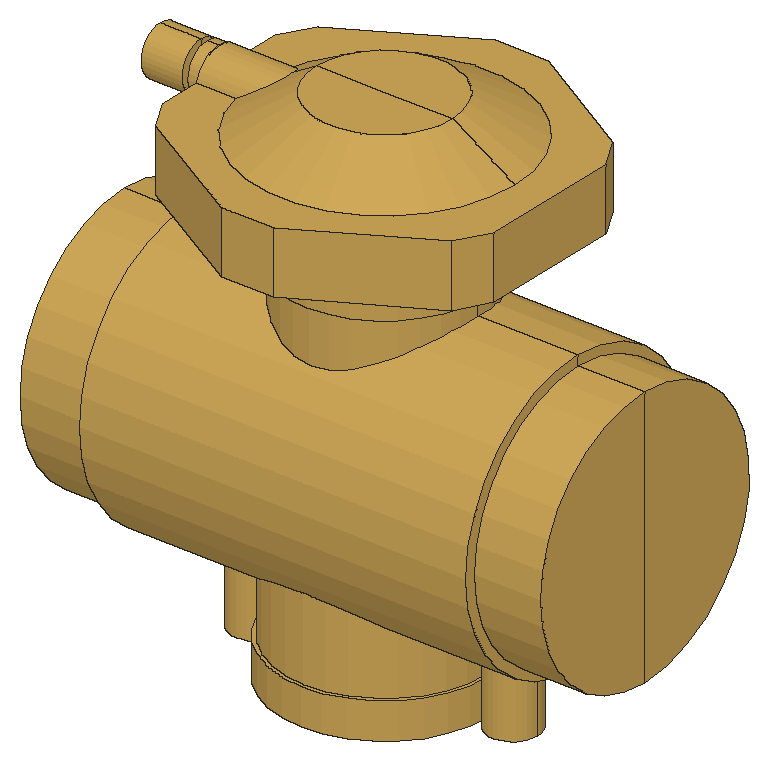
Revit family "Differenzdruckregler 4002 FIX 23kPa", category Rohrzubehör, Revit 2018
Family settings
  Bemaßung runder Anschluss = Durchmesser verwenden
  Teiletyp = Unterbricht
  OmniClass-Nummer = 23.65.55.14
  OmniClass-Titel = Valves for Liquid Services
  Arbeitsebenenbasiert = Nein
  Immer vertikal = Ja
  Beim Laden mit Abzugskörper schneiden = Nein
  Gemeinsam genutzt = Nein
Parameters (values of type "Ohne Dämmung")
  y2 [instance] = K14 + K9 + H01  # 72.649 mm
  y1 [instance] = (R03 * 2) + R05  # 140.000 mm
  Min. Betriebstemperatur (Frostschutz) = -20 °C  # constant formula
  Max. zulässige Betriebstemperatur bis DN32 = 130 °C  # constant formula
  Max. zulässige Betriebstemperatur DN40 - DN50 = 110 °C  # constant formula
  Max. Differenzdruck am Gehäuse = 400000.0 Pa  # constant formula
  Max. Betriebsdruck = 1600000.0 Pa  # constant formula
  Ventilschaft = "Edelstahl 14301"  # constant formula
  VRL01 [instance] = 30.000 mm  # constant formula
  V12 = 17.000 mm  # constant formula
  V10 = 16.000 mm  # constant formula
  V09 [instance] = 11.000 mm  # constant formula
  V08 [instance] = G01 + 3.000 mm  # 38.000 mm
  V03 [instance] = G01 + 5.000 mm  # 40.000 mm
  V02 [instance] = V01 + 4.500 mm  # 29.500 mm
  V01 [instance] = Nennweite / 2  # 25.000 mm
  URL = "www.herz-armaturen.at"
  SCRNSEQ = "ARM;ARM_TYP=\"DIFR\";2"
  SCRNCODE = "05;03;4"  # constant formula
  S07 = 10.000 mm  # constant formula
  S05 [instance] = S01 - 1.000 mm  # 25.000 mm
  S04 [instance] = S02 - 1.000 mm  # 27.000 mm
  S03 [instance] = size_lookup("4002_FIX_23kPa", "S03", 26.500 mm, Nennweite)  # 37.700 mm
  S02 [instance] = size_lookup("4002_FIX_23kPa", "S02", 19.000 mm, Nennweite)  # 28.000 mm
  S01 [instance] = size_lookup("4002_FIX_23kPa", "S01", 14.850 mm, Nennweite)  # 26.000 mm
  Regleranschlussmutter = "Messing CW614N"  # constant formula
  Regelbereich = "FIX 23kPa"  # constant formula
  R06 [instance] = size_lookup("4002_FIX_23kPa", "R06", 14.500 mm, Nennweite)  # 14.500 mm
  R05 [instance] = size_lookup("4002_FIX_23kPa", "R05", 41.000 mm, Nennweite)  # 104.000 mm
  R04 [instance] = size_lookup("4002_FIX_23kPa", "R04", 12.500 mm, Nennweite)  # 14.500 mm
  R03 [instance] = size_lookup("4002_FIX_23kPa", "R03", 8.000 mm, Nennweite)  # 18.000 mm
  R02 = 14.500 mm  # constant formula
  R01 [instance] = size_lookup("4002_FIX_23kPa", "R01", 11.500 mm, Nennweite)  # 37.600 mm
  Min. Betriebstemperatur (reines Wasser) = 2 °C  # constant formula
  O-Ringe = "EPDM"  # constant formula
  Nennweite [instance] = 50.000 mm
  Membrangehäuse = "Messing CW602N"  # constant formula
  Membrane = "EPDM"  # constant formula
  Medium = "Wasserbeschaffenheit nach ÖNORM H 5195 und VDI 2035\r\nDie Verwendung von Ethylen- und Propylenglykol ist im\r\nMischungsverhältnis 25 - 50 Vol.-% zulässig."
  L07 [instance] = size_lookup("4002_FIX_23kPa", "L07", 33.000 mm, Nennweite)  # 70.000 mm
  L06 = 7.000 mm  # constant formula
  L [instance] = size_lookup("4002_FIX_23kPa", "L", 66.000 mm, Nennweite)  # 140.000 mm
  K9 = 4.000 mm  # constant formula
  K8 = 55.000 mm  # constant formula
  K7 = 8.700 mm  # constant formula
  K6 = 11.700 mm  # constant formula
  K5 = 13.000 mm  # constant formula
  K4 = 12.000 mm  # constant formula
  K3 = 15.000 mm  # constant formula
  K2 = 2.350 mm  # constant formula
  K18 = 89.000 mm  # constant formula
  K17 = 66.700 mm  # constant formula
  K16 = 3.000 mm  # constant formula
  K15 = 26.649 mm  # constant formula
  K14 = 16.649 mm  # constant formula
  K13 = 16.649 mm  # constant formula
  K12 = 10.000 mm  # constant formula
  K11 = 35.000 mm  # constant formula
  K10 = 18.250 mm  # constant formula
  K1.1 = 2.350 mm  # constant formula
  K1 = 7.651 mm - 1.000 mm  # 6.651 mm
  J9 = 15.700 mm  # constant formula
  J8 = 7.850 mm  # constant formula
  J7 = 15.897 mm  # constant formula
  J6 = 3.900 mm  # constant formula
  J5 = 6.500 mm  # constant formula
  J4 = 1.500 mm  # constant formula
  J3 = 3.200 mm  # constant formula
  J2 = 11.000 mm  # constant formula
  J11 = 3.500 mm  # constant formula
  J10 = 18.897 mm  # constant formula
  J1 = 6.500 mm  # constant formula
  Hersteller = "HERZ-Armaturen Ges.m.b.H"  # constant formula
  H2 [instance] = size_lookup("4002_FIX_23kPa", "H2", 28.000 mm, Nennweite)  # 58.000 mm
  H1 [instance] = K1 + K2 + K3 + K4 + K5 + K7 + K8 + K16 + 16.650 mm  # 132.351 mm
  H04 = 4.000 mm  # constant formula
  H03 = 9.800 mm  # constant formula
  H02 [instance] = size_lookup("4002_FIX_23kPa", "H02", 53.000 mm, Nennweite)  # 107.000 mm
  H01 [instance] = size_lookup("4002_FIX_23kPa", "H01", 25.000 mm, Nennweite)  # 52.000 mm
  Gehäuse = "DZR Messing CC770S"  # constant formula
  G01 [instance] = size_lookup("4002_FIX_23kPa", "G01", 13.220 mm, Nennweite)  # 35.000 mm
  Hinweise zum Material = "Gemäß Art 33 der REACH-Verordnung (EG Nr. 1907/2006) sind wir verpflichtet, darauf hinzuweisen,\r\ndass der Stoff Blei auf der SVHC-Liste geführt wird und dass alle aus Messing bestehenden Bauteile,\r\ndie in unseren Erzeugnissen verarbeitet sind, mehr als 0,1 % (w/w) Blei (CAS: 7439-92-1 / EINECS:\r\n231-100-4) enthalten. Da Blei als Legierungsbestandteil fest gebunden ist, sind keine Expositionen zu\r\nerwarten und daher sind keine zusätzlichen Angaben zur sicheren Verwendung notwendig.\r\n\r\nIm Hanf enthaltenes Ammoniak schädigt\r\nMessingventilgehäuse, EPDM Dichtungen werden durch\r\nMineralöle bzw. mineralölhaltige Schmierstoffe aufgequollen\r\nund führen somit zum Ausfall der EPDM-Dichtungen. Für\r\nFrost- und Korrosionsschutzmittel auf der Basis von Ethylen- und Propylenglykol sind die entsprechenden\r\nAngaben den Unterlagen des Herstellers zu entnehmen."
  Dämmung = no
  Dämmschale = "EPP (expandiertes Polypropylen)"  # constant formula
  Druckfeder = "Federstahl, rost-und säurebeständig"  # constant formula
  DN50 [instance] = Nennweite = 50.000 mm  # yes
  DN40 [instance] = Nennweite = 40.000 mm  # no
  DN32-40 [instance] = or(Nennweite = 32.000 mm, Nennweite = 40.000 mm)  # no
  DN32 [instance] = Nennweite = 32.000 mm  # no
  DN25 [instance] = Nennweite = 25.000 mm  # no
  DN20 [instance] = Nennweite = 20.000 mm  # no
  DN15-25 [instance] = or(Nennweite = 15.000 mm, Nennweite = 20.000 mm, Nennweite = 25.000 mm)  # no
  DN15,20,25,32,50 [instance] = or(Nennweite = 15.000 mm, Nennweite = 20.000 mm, Nennweite = 25.000 mm, Nennweite = 32.000 mm, Nennweite = 50.000 mm)  # yes
  DN15 [instance] = Nennweite = 15.000 mm  # no
  D07 [instance] = if(Nennweite = 15.000 mm, 32.000 mm, if(Nennweite = 20.000 mm, 33.000 mm, if(Nennweite = 25.000 mm, 33.000 mm, if(Nennweite = 32.000 mm, 49.000 mm, if(Nennweite = 40.000 mm, 57.560 mm, if(Nennweite = 50.000 mm, 57.560 mm, 0.000 mm))))))  # 57.560 mm
  D06 [instance] = if(Nennweite = 15.000 mm, 32.000 mm, if(Nennweite = 20.000 mm, 33.000 mm, if(Nennweite = 25.000 mm, 33.000 mm, if(Nennweite = 32.000 mm, 49.000 mm, if(Nennweite = 40.000 mm, 57.560 mm, if(Nennweite = 50.000 mm, 57.560 mm, 0.000 mm))))))  # 57.560 mm
  D05 [instance] = if(Nennweite = 15.000 mm, 36.750 mm, if(Nennweite = 20.000 mm, 40.700 mm, if(Nennweite = 25.000 mm, 49.200 mm, if(Nennweite = 32.000 mm, 54.150 mm, if(Nennweite = 40.000 mm, 60.750 mm, if(Nennweite = 50.000 mm, 72.700 mm, 0.000 mm))))))  # 72.700 mm
  D04 [instance] = if(Nennweite = 15.000 mm, 78.500 mm, if(Nennweite = 20.000 mm, 82.000 mm, if(Nennweite = 25.000 mm, 84.000 mm, if(Nennweite = 32.000 mm, 120.000 mm, if(Nennweite = 40.000 mm, 130.000 mm, if(Nennweite = 50.000 mm, 130.500 mm, 0.000 mm))))))  # 130.500 mm
  D03 [instance] = if(Nennweite = 15.000 mm, 96.000 mm, if(Nennweite = 20.000 mm, 110.000 mm, if(Nennweite = 25.000 mm, 112.000 mm, if(Nennweite = 32.000 mm, 152.000 mm, if(Nennweite = 40.000 mm, 170.000 mm, if(Nennweite = 50.000 mm, 179.000 mm, 0.000 mm))))))  # 179.000 mm
  D02 [instance] = size_lookup("4002_FIX_23kPa", "R05", 41.000 mm, Nennweite)  # 104.000 mm
  D01 [instance] = size_lookup("4002_FIX_23kPa", "G01", 13.220 mm, Nennweite)  # 35.000 mm
  Bestellnummer Dämmung [instance] = if(and(Dämmung, Nennweite = 15.000 mm), 1409611, if(and(Dämmung, Nennweite = 20.000 mm), 1409612, if(and(Dämmung, Nennweite = 25.000 mm), 1409613, if(and(Dämmung, Nennweite = 32.000 mm), 1409614, if(and(Dämmung, Nennweite = 40.000 mm), 1409615, if(and(Dämmung, Nennweite = 50.000 mm), 1409616, 0))))))  # 0
  Bestellnummer [instance] = size_lookup("4002_FIX_23kPa", "Artnr", 0, Nennweite)  # 1400226
  B2 [instance] = size_lookup("4002_FIX_23kPa", "B2", 31.000 mm, Nennweite)  # 41.000 mm
  B1 [instance] = size_lookup("4002_FIX_23kPa", "B1", 26.000 mm, Nennweite)  # 41.000 mm
  B04 = 100.649 mm  # constant formula
  B03 = 44.500 mm  # constant formula
  B02 = 104.688 mm  # constant formula
  B01 = 10.000 mm  # constant formula
  Anwendungsgebiet = "Der Differenzdruckregler ist ein Regler mit linearer Kennlinie in Geradsitzausführung und arbeitet ohne Hilfsenergie. Der Differenzdruck-Sollwert beträgt 23 kPa, 50 kPa bzw 13 kPa. Im Lieferumfang enthalten ist die Impulsleitung (1000 mm), diese ist mit einem Strangregulierventil im Vorlauf zu verbinden."
  Anschlussnippel = "Messing CW602N"  # constant formula
Types (2, lengths in mm): name | y2 | y1 | V08 | V03 | V02 | V01 | S05 | S04 | S03 | S02 | S01 | R05 | R03 | R01 | Nennweite | L07 | L | H2 | H02 | H01 | G01 | Dämmung | DN50 | DN25 | DN15-25 | D07 | D06 | D05 | D04 | D03 | D02 | D01 | Bestellnummer Dämmung | Bestellnummer | B2 | B1
  Ohne Dämmung | 72.649 | 140.000 | 38.000 | 40.000 | 29.500 | 25.000 | 25.000 | 27.000 | 37.700 | 28.000 | 26.000 | 104.000 | 18.000 | 37.600 | 50.000 | 70.000 | 140.000 | 58.000 | 107.000 | 52.000 | 35.000 | no | yes | no | no | 57.560 | 57.560 | 72.700 | 130.500 | 179.000 | 104.000 | 35.000 | 0 | 1400226 | 41.000 | 41.000
  Mit Dämmung | 46.649 | 76.000 | 23.600 | 25.600 | 17.000 | 12.500 | 13.850 | 18.000 | 29.000 | 19.000 | 14.850 | 58.200 | 8.900 | 14.800 | 25.000 | 38.000 | 76.000 | 29.000 | 54.500 | 26.000 | 20.600 | yes | no | yes | yes | 33.000 | 33.000 | 49.200 | 84.000 | 112.000 | 58.200 | 20.600 | 1409613 | 1400223 | 33.000 | 28.000
Reference planes
  plane 1 "Mitte (Vorne/hinten)": y = 0
  plane 2: z = 0
  plane 3 "Mitte (Links/rechts)": x = 0
Forms (mm)
  Revolve 1, solid, material "Messing, weicher Gelbton, geschweißt", detail levels fine
    sketch origin (0, 0, 0) x (1, 0, 0) y (0, 0, 1)
      loop
        line (-70, 0) -> (70, 0) -> (70, 35) -> (52, 35) -> (52, 37.6) -> (-52, 37.6) -> (-52, 35) -> (-70, 35) -> (-70, 0)
      axis (-70, 0) -> (70, 0)
    angle from 0 to 360
  Revolve 2, solid, material "Messing, weicher Gelbton, geschweißt", detail levels fine
    sketch origin (0, 0, 0) x (1, 0, 0) y (0, 0, 1)
      loop
        line (0, -58) -> (0, 0) -> (-27, 0) -> (-27, -48.2) -> (-28, -48.2) -> (-28, -58) -> (0, -58)
      axis (0, 0) -> (0, -58)
    angle from 0 to 360
  Extrusion 3, solid, material "Messing, weicher Gelbton, geschweißt", detail levels fine
    sketch origin (0, 0, 0) x (0, -1, 0) y (1, 0, 0)
      loop
        line (-46, -7.038) -> (-27.114, -39.75) -> (-18.886, -44.5) -> (18.886, -44.5) -> (27.114, -39.75) -> (46, -7.038) -> (46, 7.038) -> (27.114, 39.75) -> (18.886, 44.5) -> (-18.886, 44.5) -> (-27.114, 39.75) -> (-46, 7.038) -> (-46, -7.038)
    from 56 to 72.649
  Revolve 4, solid, material "Messing, weicher Gelbton, geschweißt", detail levels fine
    sketch origin (0, 0, -7.051) x (1, 0, 0) y (0, 0, 1)
      loop
        line (0, 79.7) -> (0, 89.7) -> (-18.25, 89.7) -> (-35, 79.7) -> (0, 79.7)
      axis (0, 89.7) -> (0, 79.7)
    angle from 0 to 360
  Revolve 5, solid, material "Messing, weicher Gelbton, geschweißt", visible <- "DN15-25", detail levels fine
    sketch origin (-11, 0, 0) x (1, 0, 0) y (0, 1, 0)
      loop
        line (-3.5, 41) -> (-11.2, 41) -> (-11.2, 0) -> (-3.5, 0) -> (-3.5, 41)
      axis (-3.5, 0) -> (-3.5, 41)
    angle from 0 to 360
  Revolve 6, solid, material "Messing, weicher Gelbton, geschweißt", detail levels fine
    sketch origin (-0.988, 0, -6.853) x (-1, 0, 0) y (0, 0, 1)
      loop
        line (43.5, 78.75) -> (59.2, 78.75) -> (59.2, 85.25) -> (48.2, 85.25) -> (48.2, 82.65) -> (46.7, 82.65) -> (46.7, 85.25) -> (43.5, 85.25) -> (43.5, 78.75)
      axis (43.5, 78.75) -> (59.2, 78.75)
    angle from 0 to 360
  Extrusion 7, solid, material "Messing, weicher Gelbton, geschweißt", detail levels fine
    sketch origin (0, 0, 0) x (0, 1, 0) y (0, 0, -1)
      loop
        line (7.85, -70.547) -> (7.85, -59.5) -> (-7.85, -59.5) -> (-7.85, -70.547)
        arc (-7.85, -70.547) -> (0, -78.397) -> (7.85, -70.547) r 7.85
    from 0 to 44.5
  Revolve 8, solid, material "Messing, weicher Gelbton, geschweißt", visible <- "DN15-25", detail levels fine
    sketch origin (-2, 0, 0) x (1, 0, 0) y (0, 1, 0)
      loop
        line (-12.5, 0) -> (-21.5, 0) -> (-21.5, -41) -> (-12.5, -41) -> (-12.5, 0)
      axis (-12.5, 0) -> (-12.5, -41)
    angle from 0 to 360
  Revolve 9, solid, material "Messing, weicher Gelbton, geschweißt", visible <- "DN15-25", detail levels fine
    sketch origin (2, 0, 0) x (1, 0, 0) y (0, 1, 0)
      loop
        line (12.5, 0) -> (12.5, -41) -> (21.6, -41) -> (21.6, 0) -> (12.5, 0)
      axis (12.5, 0) -> (12.5, -41)
    angle from 0 to 360
  Extrusion 10, solid, material "Messing, weicher Gelbton, geschweißt", visible <- "DN32", detail levels fine
    sketch origin (-31.5, 0, 0) x (1, 0, 0) y (0, 1, 0)
      loop
        circle (63, 0) r 6.578
      loop
        circle (63, 0) r 3.28
    from -47 to 0
  Extrusion 11, solid, material "Messing, weicher Gelbton, geschweißt", visible <- "DN32", detail levels fine
    sketch origin (31.5, 0, 0) x (-1, 0, 0) y (0, -1, 0)
      loop
        circle (63, 0) r 6.578
      loop
        circle (63, 0) r 3.28
    from -47 to 0
  Revolve 12, solid, material "Messing, weicher Gelbton, geschweißt", detail levels fine
    sketch origin (0, 0, 0) x (1, 0, 0) y (0, 0, 1)
      loop
        line (-25, 0) -> (0, 0) -> (0, 56) -> (-21, 56) -> (-21, 52) -> (-26, 52) -> (-26, 42.2) -> (-25, 42.2) -> (-25, 0)
      axis (0, 56) -> (0, 0)
    angle from 0 to 360
  Extrusion 13, solid, material "Messing, weicher Gelbton, geschweißt", visible <- "DN40", detail levels fine
    sketch origin (29.382, 0, 0) x (-1, 0, 0) y (0, -1, 0)
      loop
        circle (63, 0) r 6.578
      loop
        circle (63, 0) r 3.28
    from -58 to 0
  Extrusion 14, solid, material "Messing, weicher Gelbton, geschweißt", visible <- "DN40", detail levels fine
    sketch origin (-29.455, 0, 0) x (1, 0, 0) y (0, 1, 0)
      loop
        circle (63, 0) r 6.578
      loop
        circle (63, 0) r 3.28
    from -58 to 0
  Extrusion 15, solid, material "Messing, weicher Gelbton, geschweißt", visible <- "DN50", detail levels fine
    sketch origin (28.422, 0, 0) x (-1, 0, 0) y (0, -1, 0)
      loop
        circle (63, 0) r 6.578
      loop
        circle (63, 0) r 3.28
    from -58 to 0
  Extrusion 16, solid, material "Messing, weicher Gelbton, geschweißt", visible <- "DN50", detail levels fine
    sketch origin (-28.422, 0, 0) x (1, 0, 0) y (0, 1, 0)
      loop
        circle (63, 0) r 6.578
      loop
        circle (63, 0) r 3.28
    from -58 to 0
  Revolve 17, solid, material "Messing, weicher Gelbton, geschweißt", visible <- "DN32-40", detail levels fine
    sketch origin (-11, 0, 0) x (1, 0, 0) y (0, 1, 0)
      loop
        line (-3.5, -41) -> (-3.5, 0) -> (-11.2, 0) -> (-11.2, -41) -> (-3.5, -41)
      axis (-3.5, 0) -> (-3.5, -41)
    angle from 0 to 360
  Revolve 18, solid, material "Messing, weicher Gelbton, geschweißt", not visible, detail levels fine
    sketch origin (10.652, 0, 0) x (-1, 0, 0) y (0, 0, 1)
      loop
        line (80.652, 0) -> (110.652, 0) -> (110.652, 25) -> (93.652, 25) -> (93.652, 29.5) -> (84.652, 29.5) -> (84.652, 40) -> (77.652, 40) -> (77.652, 38) -> (62.652, 38) -> (62.652, 35) -> (80.652, 35) -> (80.652, 0)
      axis (62.652, 0) -> (110.652, 0)
    angle from 0 to 360
  Revolve 19, solid, material "Messing, weicher Gelbton, geschweißt", not visible, detail levels fine
    sketch origin (-9.448, 0, 0) x (1, 0, 0) y (0, 0, 1)
      loop
        line (79.448, 0) -> (109.448, 0) -> (109.448, 25) -> (92.448, 25) -> (92.448, 29.5) -> (83.448, 29.5) -> (83.448, 40) -> (76.448, 40) -> (76.448, 38) -> (61.448, 38) -> (61.448, 35) -> (79.448, 35) -> (79.448, 0)
      axis (61.448, 0) -> (109.448, 0)
    angle from 0 to 360
  Revolve 20, solid, material "Kunststoff-Anthrazit/Schwarz", visible <- "Dämmung", detail levels fine
    sketch origin (0, 0, 0) x (1, 0, 0) y (0, 0, 1)
      loop
        line (89.5, 57.56) -> (-89.5, 57.56) -> (-89.5, 35) -> (-52, 35) -> (-52, 0) -> (0, 0) -> (52, 0) -> (52, 35) -> (89.5, 35) -> (89.5, 57.56)
      axis (-89.5, 0) -> (89.5, 0)
    angle from 0 to 360
  Revolve 21, solid, material "Kunststoff-Anthrazit/Schwarz", visible <- "Dämmung", detail levels fine
    sketch origin (0, 0, 0) x (1, 0, 0) y (0, 0, 1)
      loop
        line (0, 57.56) -> (0, -72.94) -> (72.7, -72.94) -> (72.7, 57.56) -> (0, 57.56)
      axis (0, 57.56) -> (0, -72.94)
    angle from 0 to 360
  Extrusion 22, void
    sketch origin (-405.452, -82.5, 0) x (1, 0, 0) y (0, 1, 0)
      loop
        line (266.511, 0) -> (550.452, 0) -> (550.452, 165) -> (266.511, 165) -> (266.511, 0)
    from 56 to 72.649
  Extrusion 23, void
    sketch origin (-405.452, -82.5, 0) x (1, 0, 0) y (0, 1, 0)
      loop
        line (287.952, 0) -> (522.952, 0) -> (522.952, 165) -> (287.952, 165) -> (287.952, 0)
    from 56 to 72.649
Cuts and joins
  Extrusion 22 cuts Revolve 20
  Extrusion 23 cuts Revolve 21
Lines and regions (mm)
  model lines, detail levels coarse+medium
    curve 1: line (70, -35, 0) -> (70, 35, 0)
    curve 2: line (70, 35, 0) -> (-70, -35, 0)
    curve 3: line (-70, -35, 0) -> (-70, 35, 0)
    curve 4: line (-70, 35, 0) -> (70, -35, 0)
    curve 5: line (0, -42, 0) -> (0, -56, 0)
    curve 6: spline (-44.5, -64.324, 0) -> (-42.984, -62.17, 0) -> (-38.538, -60.162, 0) -> (-31.466, -58.438, 0) -> (-22.25, -57.115, 0) -> (-11.517, -56.284, 0) -> (0, -56, 0) -> (11.517, -56.284, 0) -> (22.25, -57.115, 0) -> (31.466, -58.438, 0) -> (38.538, -60.162, 0) -> (42.984, -62.17, 0) -> (44.5, -64.325, 0) -> (42.984, -66.479, 0) -> (38.538, -68.487, 0) -> (31.466, -70.211, 0) -> (22.25, -71.534, 0) -> (11.517, -72.365, 0) -> (0, -72.649, 0) -> (-11.517, -72.365, 0) -> (-22.25, -71.534, 0) -> (-31.466, -70.211, 0) -> (-38.538, -68.487, 0) -> (-42.984, -66.479, 0) -> (-44.5, -64.324, 0)
    curve 7: line (-70, 0, 35) -> (-70, 0, -35)
    curve 8: line (-70, 0, -35) -> (70, 0, 35)
    curve 9: line (70, 0, 35) -> (70, 0, -35)
    curve 10: line (70, 0, -35) -> (-70, 0, 35)
    curve 11: line (0, 0, 35) -> (0, 0, 56)
    curve 12: spline (-44.5, 0, 64.325) -> (-42.984, 0, 66.479) -> (-38.538, 0, 68.487) -> (-31.466, 0, 70.211) -> (-22.25, 0, 71.534) -> (-11.517, 0, 72.365) -> (0, 0, 72.649) -> (11.517, 0, 72.365) -> (22.25, 0, 71.534) -> (31.466, 0, 70.211) -> (38.538, 0, 68.487) -> (42.984, 0, 66.479) -> (44.5, 0, 64.324) -> (42.984, 0, 62.17) -> (38.538, 0, 60.162) -> (31.466, 0, 58.438) -> (22.25, 0, 57.115) -> (11.517, 0, 56.284) -> (0, 0, 56) -> (-11.517, 0, 56.284) -> (-22.25, 0, 57.115) -> (-31.466, 0, 58.438) -> (-38.538, 0, 60.162) -> (-42.984, 0, 62.17) -> (-44.5, 0, 64.325)
    curve 13: line (0, 0, 35) -> (35, 0, 17.5)
    curve 14: line (0, 0, 35) -> (-35, 0, 17.5)
    curve 15: line (70, 0, 0) -> (100, 0, 0)
    curve 16: line (-70, 0, 0) -> (-100, 0, 0)
    curve 17: line (0, -42, 0) -> (-18.2, -9.1, 0)
    curve 18: line (0, -42, 0) -> (18.2, -9.1, 0)
    curve 19: line (70, 0, 35) -> (70, 0, -35)
    curve 20: line (70, 0, 35) -> (80, 0, 35)
    curve 21: line (80, 0, 35) -> (70, 0, 0)
    curve 22: line (80, 0, -35) -> (70, 0, 0)
    curve 23: line (70, 0, -35) -> (80, 0, -35)
    curve 24: line (-70, 0, 35) -> (-70, 0, -35)
    curve 25: line (-70, 0, 35) -> (-80, 0, 35)
    curve 26: line (-80, 0, 35) -> (-70, 0, 0)
    curve 27: line (-80, 0, -35) -> (-70, 0, 0)
    curve 28: line (-70, 0, -35) -> (-80, 0, -35)
    curve 29: line (-70, 35, 0) -> (-80, 35, 0)
    curve 30: line (-80, 35, 0) -> (-70, 0, 0)
    curve 31: line (-70, -35, 0) -> (-80, -35, 0)
    curve 32: line (-80, -35, 0) -> (-70, 0, 0)
    curve 33: line (70, -35, 0) -> (70, 35, 0)
    curve 34: line (70, 35, 0) -> (80, 35, 0)
    curve 35: line (80, 35, 0) -> (70, 0, 0)
    curve 36: line (70, -35, 0) -> (80, -35, 0)
    curve 37: line (80, -35, 0) -> (70, 0, 0)
Dimensions and locks
  "G01": Revolve 1 sketch curve to Revolve 1 sketch curve  (x2)
  "R01": Revolve 1 sketch curve to Revolve 1 sketch curve
  "R03": Revolve 1 sketch curve to Revolve 1 sketch curve  (x2)
  "K10": Revolve 4 sketch curve to Revolve 4 sketch curve
  "K11": Revolve 4 sketch curve to Revolve 4 sketch curve
  "B1": Revolve 5 sketch curve to Revolve 5 sketch curve
  "J1": Revolve 6 sketch curve to Revolve 6 sketch curve
  "J3": Revolve 6 sketch curve to Revolve 6 sketch curve
  "J4": Revolve 6 sketch curve to Revolve 6 sketch curve
  "J2": Revolve 6 sketch curve to Revolve 6 sketch curve
  "J5": Revolve 6 sketch curve to Revolve 6 sketch curve
  "J6": Revolve 6 sketch curve to Revolve 6 sketch curve
  "H2": plane 2 to Revolve 2 sketch curve
  "H03": Revolve 2 sketch curve to Revolve 2 sketch curve
  "S02": plane 3 "Mitte (Links/rechts)" to Revolve 2 sketch curve
  "B02": Revolve 6 to Extrusion 3
  "B03": Extrusion 3 to plane 3 "Mitte (Links/rechts)"
  "R04": Revolve 5 sketch curve to plane 3 "Mitte (Links/rechts)"
  "K12": Revolve 4 sketch curve to Revolve 4 sketch curve
  "K13": Revolve 4 sketch curve to Extrusion 3
  "K14": Extrusion 3 to Extrusion 3
  "R05": Revolve 1 sketch curve to Revolve 1 sketch curve
  plane 3 "Mitte (Links/rechts)" to Revolve 1 sketch curve = 70.000 mm
  Revolve 1 sketch curve to plane 3 "Mitte (Links/rechts)" = 70.000 mm
  equal spacing: Revolve 1 sketch curve, plane 3 "Mitte (Links/rechts)", Revolve 1 sketch curve
  "B2": plane 1 "Mitte (Vorne/hinten)" to Revolve 8 sketch curve
  "B2": Revolve 9 sketch curve to plane 1 "Mitte (Vorne/hinten)"
  "R06": Revolve 8 sketch curve to plane 3 "Mitte (Links/rechts)"
  "R06": plane 3 "Mitte (Links/rechts)" to Revolve 9 sketch curve
  "S01": Revolve 12 sketch curve to plane 3 "Mitte (Links/rechts)"
  "S05": plane 3 "Mitte (Links/rechts)" to Revolve 12 sketch curve
  "H04": Revolve 12 sketch curve to Revolve 12 sketch curve
  "H03": Revolve 12 sketch curve to Revolve 12 sketch curve
  "H01": Revolve 12 sketch curve to plane 2
  "K9": Extrusion 3 to Revolve 12
  Revolve 2 sketch curve to Revolve 2 sketch curve = 1.000 mm
  "J7": Revolve 6 sketch curve to Extrusion 3
  "J9": Extrusion 7 sketch curve to Extrusion 7 sketch curve
  "J10": Revolve 6 to Extrusion 7 sketch curve
  "J11": Extrusion 7 sketch curve to Extrusion 3
  equal spacing: curve 7, curve 6, curve 9
  "K18": Extrusion 3 to Extrusion 3
  equal spacing: curve 7, curve 14, curve 14
  equal spacing: curve 14, curve 13, curve 9
  "G01": curve 10 to plane 2
  "G01": plane 2 to curve 8
  "G01": curve 9 to plane 2
  "G01": plane 2 to curve 10
  "K18": curve 12 to curve 12
  "y1": curve 7 to curve 9
  "G01": curve 14 to plane 2
  "K14": curve 12 to curve 12
  "y2": curve 12 to plane 2
  "G01": plane 1 "Mitte (Vorne/hinten)" to curve 4
  "G01": curve 3 to plane 1 "Mitte (Vorne/hinten)"
  equal spacing: curve 3, curve 12, curve 1
  equal spacing: curve 3, curve 18, curve 1
  "y1": curve 3 to curve 1
  "G01": plane 1 "Mitte (Vorne/hinten)" to curve 2
  "G01": curve 4 to plane 1 "Mitte (Vorne/hinten)"
  "K18": curve 6 to curve 6
  "K14": curve 6 to curve 6
  "y2": curve 6 to plane 1 "Mitte (Vorne/hinten)"
  "B1": Revolve 17 sketch curve to Revolve 17 sketch curve
  "R04": Revolve 17 sketch curve to plane 3 "Mitte (Links/rechts)"
  "R03": Revolve 18 sketch curve to Revolve 18 sketch curve
  "V10": Revolve 18 sketch curve to Revolve 18 sketch curve
  "V12": Revolve 18 sketch curve to Revolve 18 sketch curve
  "VRL01": Revolve 18 sketch curve to Revolve 18 sketch curve
  "V02": Revolve 18 sketch curve to plane 2
  "V01": Revolve 18 sketch curve to plane 2
  "G01": Revolve 18 sketch curve to plane 2
  "V08": Revolve 18 sketch curve to plane 2
  "V03": Revolve 18 sketch curve to plane 2
  "R03": Revolve 19 sketch curve to Revolve 19 sketch curve
  "V10": Revolve 19 sketch curve to Revolve 19 sketch curve
  "V12": Revolve 19 sketch curve to Revolve 19 sketch curve
  "VRL01": Revolve 19 sketch curve to Revolve 19 sketch curve
  "V01": Revolve 19 sketch curve to plane 2
  "V02": Revolve 19 sketch curve to plane 2
  "G01": Revolve 19 sketch curve to plane 2
  "V08": Revolve 19 sketch curve to plane 2
  "V03": Revolve 19 sketch curve to plane 2
  "L07": Revolve 18 to plane 3 "Mitte (Links/rechts)"
  "L07": plane 3 "Mitte (Links/rechts)" to Revolve 19
  "S07": curve 28 to Revolve 18
  "S07": curve 26 to Revolve 18
  "S07": Revolve 19 to curve 21
  "S07": Revolve 19 to curve 23
  "G01": plane 2 to curve 28
  "G01": curve 25 to plane 2
  "G01": curve 20 to plane 2
  "G01": plane 2 to curve 23
  "S07": curve 30 to curve 3
  "S07": curve 32 to curve 3
  "S07": curve 33 to curve 35
  "S07": curve 33 to curve 37
  "D07": Revolve 20 sketch curve to plane 2
  "D01": Revolve 20 sketch curve to plane 2  (x2)
  "D02": Revolve 20 sketch curve to Revolve 20 sketch curve
  "D03": Revolve 20 sketch curve to Revolve 20 sketch curve
  equal spacing: Revolve 20 sketch curve, plane 3 "Mitte (Links/rechts)", Revolve 20 sketch curve  (x2)
  "D04": Revolve 21 sketch curve to Revolve 21 sketch curve
  "D05": Revolve 21 sketch curve to Revolve 21 sketch curve
  "D06": Revolve 21 sketch curve to plane 2
  "K14": Extrusion 22 to Extrusion 22
  "K14": Extrusion 22 to Extrusion 3
  "K14": Extrusion 23 to Extrusion 23
  "K14": Extrusion 23 to Extrusion 3
  "J8": radius of Extrusion 7 sketch curve
  aligned and locked: level to plane 2
Automatic sketch dimensions
  plane 3 "Mitte (Links/rechts)" to Extrusion 3 sketch curve = 7.038 mm  (x2)
  Extrusion 3 sketch curve to plane 1 "Mitte (Vorne/hinten)" = 46.000 mm
  Extrusion 3 sketch curve to plane 1 "Mitte (Vorne/hinten)" = 27.114 mm  (x2)
  Extrusion 3 sketch curve to Extrusion 3 sketch curve = 8.227 mm  (x4)
  plane 1 "Mitte (Vorne/hinten)" to Extrusion 3 sketch curve = 18.886 mm  (x2)
  Extrusion 3 sketch curve to Extrusion 3 sketch curve = 18.886 mm
  Extrusion 3 sketch curve to plane 3 "Mitte (Links/rechts)" = 7.038 mm  (x2)
  Extrusion 3 sketch curve to Extrusion 3 sketch curve = 32.712 mm  (x4)
  Extrusion 3 sketch curve to Extrusion 3 sketch curve = 4.750 mm  (x2)
  Extrusion 10 sketch curve to Extrusion 10 sketch curve = 0.000 mm  (x2)
  plane 1 "Mitte (Vorne/hinten)" to Extrusion 10 sketch curve = 0.000 mm
  plane 3 "Mitte (Links/rechts)" to Extrusion 10 sketch curve = 31.500 mm
  Extrusion 11 sketch curve to Extrusion 11 sketch curve = 0.000 mm  (x2)
  plane 1 "Mitte (Vorne/hinten)" to Extrusion 11 sketch curve = 0.000 mm
  plane 3 "Mitte (Links/rechts)" to Extrusion 11 sketch curve = 31.500 mm
  Extrusion 13 sketch curve to Extrusion 13 sketch curve = 0.000 mm  (x2)
  plane 1 "Mitte (Vorne/hinten)" to Extrusion 13 sketch curve = 0.000 mm
  plane 3 "Mitte (Links/rechts)" to Extrusion 13 sketch curve = 33.618 mm
  Extrusion 14 sketch curve to Extrusion 14 sketch curve = 0.000 mm  (x2)
  plane 1 "Mitte (Vorne/hinten)" to Extrusion 14 sketch curve = 0.000 mm
  plane 3 "Mitte (Links/rechts)" to Extrusion 14 sketch curve = 33.545 mm
  Extrusion 15 sketch curve to Extrusion 15 sketch curve = 0.000 mm  (x2)
  plane 1 "Mitte (Vorne/hinten)" to Extrusion 15 sketch curve = 0.000 mm
  plane 3 "Mitte (Links/rechts)" to Extrusion 15 sketch curve = 34.578 mm
  Extrusion 16 sketch curve to Extrusion 16 sketch curve = 0.000 mm  (x2)
  plane 1 "Mitte (Vorne/hinten)" to Extrusion 16 sketch curve = 0.000 mm
  plane 3 "Mitte (Links/rechts)" to Extrusion 16 sketch curve = 34.578 mm
  Extrusion 22 sketch curve to plane 1 "Mitte (Vorne/hinten)" = 82.500 mm
  Extrusion 22 sketch curve to plane 3 "Mitte (Links/rechts)" = 138.941 mm
  Extrusion 22 sketch curve to Extrusion 22 sketch curve = 283.941 mm
  plane 1 "Mitte (Vorne/hinten)" to Extrusion 22 sketch curve = 82.500 mm
  Extrusion 23 sketch curve to plane 1 "Mitte (Vorne/hinten)" = 82.500 mm
  Extrusion 23 sketch curve to plane 3 "Mitte (Links/rechts)" = 117.500 mm
  Extrusion 23 sketch curve to Extrusion 23 sketch curve = 235.000 mm
  plane 1 "Mitte (Vorne/hinten)" to Extrusion 23 sketch curve = 82.500 mm
  curve 16 to level = 0.000 mm
  curve 11 to plane 3 "Mitte (Links/rechts)" = 0.000 mm
  curve 12 to plane 3 "Mitte (Links/rechts)" = 0.000 mm
  curve 15 to level = 0.000 mm
  curve 16 to curve 16 = 30.000 mm
  curve 15 to curve 15 = 30.000 mm
  plane 1 "Mitte (Vorne/hinten)" to curve 30 = 0.000 mm
  plane 1 "Mitte (Vorne/hinten)" to curve 32 = 0.000 mm
  curve 18 to plane 3 "Mitte (Links/rechts)" = 0.000 mm
  curve 6 to plane 3 "Mitte (Links/rechts)" = 0.000 mm
  plane 1 "Mitte (Vorne/hinten)" to curve 37 = 0.000 mm
  plane 1 "Mitte (Vorne/hinten)" to curve 35 = 0.000 mm
  curve 5 to curve 5 = 14.000 mm
  plane 1 "Mitte (Vorne/hinten)" to curve 17 = 9.100 mm
  plane 1 "Mitte (Vorne/hinten)" to curve 18 = 9.100 mm
  Revolve 1 sketch curve to level = 0.000 mm  (x2)
  Revolve 1 sketch curve to Revolve 1 sketch curve = 1473.530 mm
  Revolve 1 sketch curve to Revolve 1 sketch curve = 1806.148 mm
  Revolve 2 sketch curve to level = 0.000 mm
  Revolve 2 sketch curve to plane 3 "Mitte (Links/rechts)" = 0.000 mm  (x2)
  Revolve 2 sketch curve to Revolve 2 sketch curve = 1.000 mm
  Revolve 2 sketch curve to Revolve 2 sketch curve = 334.045 mm
  level to Revolve 2 sketch curve = 2218.015 mm
  Revolve 4 sketch curve to plane 3 "Mitte (Links/rechts)" = 0.000 mm  (x2)
  Revolve 4 sketch curve to level = 373.096 mm
  Revolve 4 sketch curve to Revolve 4 sketch curve = 2155.315 mm
  plane 1 "Mitte (Vorne/hinten)" to Revolve 5 sketch curve = 0.000 mm  (x2)
  Revolve 5 sketch curve to Revolve 5 sketch curve = 0.000 mm  (x2)
  Revolve 5 sketch curve to Revolve 5 sketch curve = 7.700 mm
  plane 3 "Mitte (Links/rechts)" to Revolve 6 sketch curve = 44.488 mm
  Revolve 6 sketch curve to Revolve 6 sketch curve = 0.000 mm  (x3)
  Extrusion 7 sketch curve to plane 1 "Mitte (Vorne/hinten)" = 0.000 mm
  Extrusion 7 sketch curve to Extrusion 7 sketch curve = 11.047 mm
  Extrusion 7 sketch curve to Extrusion 7 sketch curve = 0.000 mm
  plane 1 "Mitte (Vorne/hinten)" to Revolve 8 sketch curve = 0.000 mm  (x2)
  Revolve 8 sketch curve to Revolve 8 sketch curve = 9.000 mm
  Revolve 8 sketch curve to Revolve 8 sketch curve = 0.000 mm  (x2)
  plane 1 "Mitte (Vorne/hinten)" to Revolve 9 sketch curve = 0.000 mm  (x2)
  Revolve 9 sketch curve to Revolve 9 sketch curve = 9.100 mm
  Revolve 9 sketch curve to Revolve 9 sketch curve = 0.000 mm  (x2)
  Revolve 12 sketch curve to level = 0.000 mm  (x2)
  Revolve 12 sketch curve to plane 3 "Mitte (Links/rechts)" = 0.000 mm  (x2)
  Revolve 12 sketch curve to Revolve 12 sketch curve = 5.000 mm
  Revolve 12 sketch curve to Revolve 12 sketch curve = 0.000 mm
  plane 1 "Mitte (Vorne/hinten)" to Revolve 17 sketch curve = 0.000 mm  (x2)
  Revolve 17 sketch curve to Revolve 17 sketch curve = 7.700 mm
  Revolve 17 sketch curve to Revolve 17 sketch curve = 0.000 mm  (x2)
  Revolve 18 sketch curve to level = 0.000 mm  (x2)
  plane 3 "Mitte (Links/rechts)" to Revolve 18 sketch curve = 52.000 mm
  Revolve 18 sketch curve to Revolve 18 sketch curve = 4.000 mm
  Revolve 18 sketch curve to Revolve 18 sketch curve = 0.000 mm  (x2)
  Revolve 19 sketch curve to level = 0.000 mm  (x2)
  plane 3 "Mitte (Links/rechts)" to Revolve 19 sketch curve = 52.000 mm
  Revolve 19 sketch curve to Revolve 19 sketch curve = 4.000 mm
  Revolve 19 sketch curve to Revolve 19 sketch curve = 0.000 mm  (x2)
  curve 26 to level = 0.000 mm
  curve 27 to level = 0.000 mm
  curve 22 to level = 0.000 mm
  curve 21 to level = 0.000 mm
  curve 27 to curve 28 = 10.000 mm
  curve 19 to curve 20 = 10.000 mm
  Revolve 20 sketch curve to level = 0.000 mm  (x2)
  Revolve 20 sketch curve to plane 3 "Mitte (Links/rechts)" = 0.000 mm
  Revolve 20 sketch curve to Revolve 20 sketch curve = 0.000 mm  (x2)
  Revolve 21 sketch curve to plane 3 "Mitte (Links/rechts)" = 0.000 mm  (x2)
  Revolve 21 sketch curve to Revolve 21 sketch curve = 0.000 mm  (x2)
  radius of Extrusion 10 sketch curve = 6.578 mm
  radius of Extrusion 10 sketch curve = 3.280 mm
  radius of Extrusion 11 sketch curve = 6.578 mm
  radius of Extrusion 11 sketch curve = 3.280 mm
  radius of Extrusion 13 sketch curve = 6.578 mm
  radius of Extrusion 13 sketch curve = 3.280 mm
  radius of Extrusion 14 sketch curve = 6.578 mm
  radius of Extrusion 14 sketch curve = 3.280 mm
  radius of Extrusion 15 sketch curve = 6.578 mm
  radius of Extrusion 15 sketch curve = 3.280 mm
  radius of Extrusion 16 sketch curve = 6.578 mm
  radius of Extrusion 16 sketch curve = 3.280 mm
Nested families
  nested 1: "Herz-Logo-vorne" at (-0.018, 17.815, -12.904) x (0, -1, 0) z (0, 0, 1), type "Herz-Logo-vorne", detail levels fine
  nested 2: "Herz-Logo-vorne" at (-0.018, 29.612, 0) x (0, -1, 0) z (0, 0, 1), visible <- "DN32", type "Herz-Logo-vorne", detail levels fine
  nested 3: "Herz-Logo-vorne" at (-0.018, 38.665, 0) x (0, -1, 0) z (0, 0, 1), visible <- "DN40", type "Herz-Logo-vorne", detail levels fine
  nested 4: "Herz-Logo-vorne" at (-0.018, 37.548, 0) x (0, -1, 0) z (0, 0, 1), visible <- "DN50", type "Herz-Logo-vorne", detail levels fine
Connectors
  piping at (-70, 0, 0), diameter 50, driven by "Nennweite"
    settings: on Revolve 1, index 1, connector inside diameter 609.6 mm, connector length 0.000 mm, flow factor 0, pipe flow 0.0 L/s, pressure drop 0.0 Pa, fitting loss kfactor 0, connector angle 0.00°, fixture units 0, engagement length 0.000 mm, angle of deflection 0.00°, flow configuration 0, flow direction 1, fitting loss method 0, system type 7, joint type 0, gender type 0, connector reference index -1, connector utility 0, adjustable connector no, is connector primary yes, connector description ""
  piping at (70, 0, 0), diameter 50, driven by "Nennweite"
    settings: on Revolve 1, index 2, connector inside diameter 609.6 mm, connector length 0.000 mm, flow factor 0, pipe flow 0.0 L/s, pressure drop 0.0 Pa, fitting loss kfactor 0, connector angle 0.00°, fixture units 0, engagement length 0.000 mm, angle of deflection 0.00°, flow configuration 0, flow direction 2, fitting loss method 0, system type 29, joint type 0, gender type 0, connector reference index -1, connector utility 0, adjustable connector no, is connector primary no, connector description ""
Definition of nested family "Herz-Logo-vorne"
  Reference planes
    plane 1 "Mitte (Vorne/hinten)": y = 0
    plane 2: z = 0
    plane 3 "Mitte (Links/rechts)": x = 0
  Forms (mm)
    Extrusion 1, solid
      sketch origin (0.732, -0.018, 0.017) x (0, -1, 0) y (0, 0, 1)
        loop
          line (-0.018, -4.517) -> (4.482, -4.517) -> (4.482, 4.483) -> (-4.518, 4.483) -> (-4.518, -4.517) -> (-0.018, -4.517)
        loop
          line (-0.05, -3.48) -> (3.482, -3.48) -> (3.482, 3.483) -> (-3.518, 3.483) -> (-3.518, -3.48) -> (-0.05, -3.48)
        loop
          arc (-0.018, 2.383) -> (-1.543, 3.287) -> (-3.067, 2.383) r 1.738
          arc (-3.067, 2.383) -> (-3.191, 1.899) -> (-3.067, 1.415) r 1.009
          line (-3.067, 1.415) -> (-0.018, -3.281) -> (3.032, 1.415)
          arc (3.032, 1.415) -> (3.156, 1.899) -> (3.032, 2.383) r 1.009
          arc (3.032, 2.383) -> (1.507, 3.287) -> (-0.018, 2.383) r 1.738
        loop
          arc (1.885, 1.272) -> (2.005, 1.675) -> (1.885, 2.079) r 0.74
          arc (1.885, 2.079) -> (1.265, 2.416) -> (0.644, 2.079) r 0.74
          line (0.644, 2.079) -> (-0.018, 0.97) -> (-0.679, 2.079)
          arc (-0.679, 2.079) -> (-1.3, 2.416) -> (-1.921, 2.079) r 0.74
          arc (-1.921, 2.079) -> (-2.04, 1.675) -> (-1.921, 1.272) r 0.74
          line (-1.921, 1.272) -> (-0.018, -1.658) -> (1.885, 1.272)
      from 0 to 1.5
  Dimensions and locks
    aligned and locked: level to plane 2
